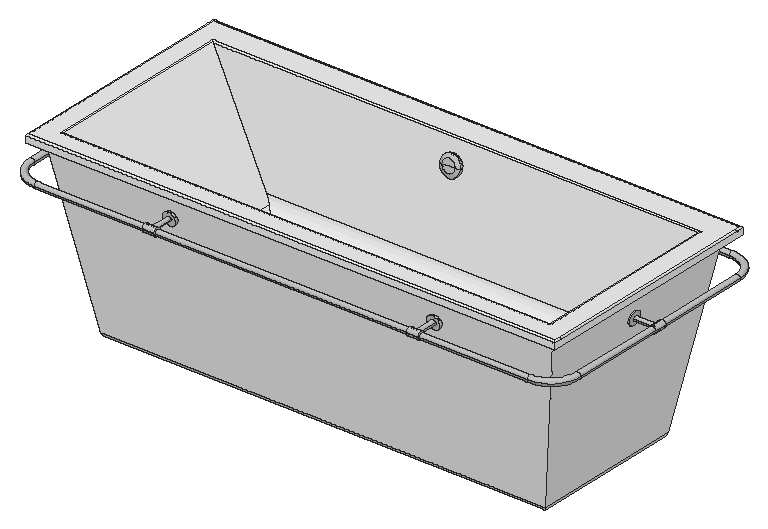
Revit family
Parameters (values of type "Valentino")
  Width = 800 mm  # constant formula
  Waste Connection Radius = Waste Connection Diameter / 2  # 20 mm
  Waste Connection = 1 = 1  # yes
  Vent Connection = 1 = 0  # no
  URL = "http://www.librabath.co.za/"
  Towel Rail Visibility = yes
  TR = or(Towel Rail Visibility, Half Towel Rail Visibility)  # yes
  Rail Finish = Stainless Steel
  Not Surround = not(Surround Visibility)  # no
  Not Rail = not(TR)  # no
  Not R_S = and(Surround Visibility, Not Rail)  # no
  Not Full_R = not(Towel Rail Visibility)  # no
  Not FR_S = and(Surround Visibility, Not Full_R)  # no
  Half Towel Rail Visibility = no
  Surround Visibility = yes
  Product Code = ""
  Omniclass Title = "Bathtubs"
  Omniclass Number = "23.45.05.14.21"
  Model = "Valentino Bath"
  Manufacturer = "Libra Bathrooms"  # constant formula
  Length = 1800 mm  # constant formula
  Height with Surround = 635 mm  # constant formula
  Height = 450 mm  # constant formula
  HW Connection = 1 = 0  # no
  H = if(Surround Visibility, 635 mm, 450 mm)  # 635 mm
  Family created by = "www.rbuiltcomponents.com"
  Waste Connection Diameter = 40 mm
  CW Connection = 1 = 0  # no
  Body Finish = Acrylic-Libra-White
  Assembly Code = "D2010500"
Reference planes
  plane 1 "Bottom": z = 0
  plane 2 "Center (Left/Right)": x = 0
  plane 3 "Center (Front/Back)": y = -75
  plane 4 "Waste": y = 65
  plane 5 "Left": x = -900
  plane 6 "Right": x = 900
  plane 7 "Back": y = 325
  plane 8 "Front": y = -475
  plane 9 "Top": z = 635
  plane 10 "Rail": z = 515
Forms (mm)
  Sweep 1, solid, material "Acrylic-Libra-White" <- "Body Finish", visible <- "Surround Visibility"
    path origin (0, 0, 635) x (-1, 0, 0) y (0, -1, 0)
      loop
        line (900, -325) -> (900, 475) -> (-900, 475) -> (-900, -325) -> (900, -325)
    profile origin (-900, -75, 635) x (1, 0, 0) y (0, 0, 1)
      loop
        line (37.416, -25) -> (142.062, -618.473)
        arc (142.062, -618.473) -> (148.902, -630.321) -> (161.758, -635) r 20
        line (161.758, -635) -> (332.753, -635) -> (332.753, -625) -> (161.758, -625)
        arc (161.758, -625) -> (155.33, -622.66) -> (151.91, -616.736) r 10
        line (151.91, -616.736) -> (47.571, -25) -> (37.416, -25)
  Extrusion 2, solid, material "Acrylic-Libra-White" <- "Body Finish", visible <- "Surround Visibility"
    sketch origin (0, 0, 0) x (1, 0, 0) y (0, 1, 0)
      loop
        line (-567.247, -7.753) -> (-567.247, -142.247) -> (567.247, -142.247) -> (567.247, -7.753) -> (-567.247, -7.753)
    from 0 to 10
  Sweep 3, solid, material "Stainless Steel" <- "Rail Finish", visible <- "TR"
    path origin (0, 0, 515) x (-1, 0, 0) y (0, -1, 0)
      loop
        line (-900, 75) -> (-900, 415)
        arc (-900, 415) -> (-882.426, 457.426) -> (-840, 475) r 60
        line (-840, 475) -> (840, 475)
        arc (840, 475) -> (882.426, 457.426) -> (900, 415) r 60
        line (900, 415) -> (900, 75)
    profile origin (-900, -245, 515) x (-1, 0, 0) y (0, 0, 1)
      loop
        circle (30, 0) r 10
  Sweep 4, solid, material "Stainless Steel" <- "Rail Finish", visible <- "Towel Rail Visibility"
    path origin (0, -150, 515) x (-1, 0, 0) y (0, 1, 0)
      loop
        line (-900, 75) -> (-900, 415)
        arc (-900, 415) -> (-882.426, 457.426) -> (-840, 475) r 60
        line (-840, 475) -> (840, 475)
        arc (840, 475) -> (882.426, 457.426) -> (900, 415) r 60
        line (900, 415) -> (900, 75)
    profile origin (-900, 95, 515) x (1, 0, 0) y (0, 0, 1)
      loop
        circle (-30, 0) r 10
Cuts and joins
  joined: Sweep 1, Extrusion 2
Lines and regions (mm)
  Masking region 1, visible <- "Surround Visibility"
    outline origin (0, -75, 0) x (1, 0, 0) y (0, 0, 1)
      loop
        arc (-895, 635) -> (-898.536, 633.536) -> (-900, 630) r 5
        line (-900, 630) -> (-900, 605) -> (-865, 605) -> (-761.236, 16.527)
        arc (-761.236, 16.527) -> (-754.396, 4.679) -> (-741.54, 0) r 20
        line (-741.54, 0) -> (741.54, 0)
        arc (741.54, 0) -> (754.396, 4.679) -> (761.236, 16.527) r 20
        line (761.236, 16.527) -> (865, 605) -> (900, 605) -> (900, 630)
        arc (900, 630) -> (898.536, 633.536) -> (895, 635) r 5
        line (895, 635) -> (-895, 635)
  Masking region 2, visible <- "Surround Visibility"
    outline origin (0, 0, 0) x (0, 1, 0) y (0, 0, 1)
      loop
        line (320, 635) -> (-470, 635)
        arc (-470, 635) -> (-473.536, 633.536) -> (-475, 630) r 5
        line (-475, 630) -> (-475, 605) -> (-440, 605) -> (-336.236, 16.527)
        arc (-336.236, 16.527) -> (-329.396, 4.679) -> (-316.54, 0) r 20
        line (-316.54, 0) -> (166.54, 0)
        arc (166.54, 0) -> (179.396, 4.679) -> (186.236, 16.527) r 20
        line (186.236, 16.527) -> (290, 605) -> (325, 605) -> (325, 630)
        arc (325, 630) -> (323.536, 633.536) -> (320, 635) r 5
  Masking region 3, visible <- "TR"
    outline origin (0, -75, 0) x (1, 0, 0) y (0, 0, 1)
      loop
        arc (-930, 525) -> (-940, 515) -> (-930, 505) r 10
        line (-930, 505) -> (930, 505)
        arc (930, 505) -> (940, 515) -> (930, 525) r 10
        line (930, 525) -> (-930, 525)
  Masking region 4, visible <- "TR"
    outline origin (0, 0, 0) x (0, 1, 0) y (0, 0, 1)
      loop
        line (-504.813, 505.18) -> (-75, 505.18) -> (-75, 525.18) -> (-504.813, 525.18)
        arc (-504.813, 525.18) -> (-514.813, 515.18) -> (-504.813, 505.18) r 10
  Masking region 5, visible <- "Towel Rail Visibility"
    outline origin (0, 0, 0) x (0, 1, 0) y (0, 0, 1)
      loop
        line (354.813, 525.18) -> (-75, 525.18) -> (-75, 505.18) -> (354.813, 505.18)
        arc (354.813, 505.18) -> (364.813, 515.18) -> (354.813, 525.18) r 10
  symbolic lines, style "Tub", visible <- "Half Towel Rail Visibility"
    curve 1: arc (0, -75, 525.18) -> (0, -64.91, 515.09) -> (0, -75, 505) r 10.09
  symbolic lines, style "Tub", visible <- "Surround Visibility"
    curve 2: line (0, 290, 605) -> (0, -440, 605)
    curve 3: line (0, 290, 605) -> (0, 275.926, 525.18)
    curve 4: line (0, 186.236, 16.527) -> (0, 272.399, 505.18)
    curve 5: line (0, -440, 605) -> (0, -425.926, 525.18)
    curve 6: line (0, -336.236, 16.527) -> (0, -422.399, 505.18)
    curve 9: line (-865, -75, 605) -> (-850.894, -75, 525)
    curve 10: line (-761.236, -75, 16.527) -> (-847.367, -75, 505)
    curve 11: line (865, -75, 605) -> (850.894, -75, 525)
    curve 12: line (761.236, -75, 16.527) -> (847.367, -75, 505)
    curve 13: line (-865, -75, 605) -> (865, -75, 605)
  symbolic lines, style "Tub", visible <- "Not FR_S"
    curve 7: line (0, 272.399, 505.18) -> (0, 275.926, 525.18)
  symbolic lines, style "Tub", visible <- "Not R_S"
    curve 8: line (0, -422.399, 505.18) -> (0, -425.926, 525.18)
    curve 14: line (-847.367, -75, 505) -> (-850.894, -75, 525)
    curve 15: line (847.367, -75, 505) -> (850.894, -75, 525)
Dimensions and locks
  equal spacing: plane 5 "Left", plane 2 "Center (Left/Right)", plane 6 "Right"
  "Length": plane 5 "Left" to plane 6 "Right"
  equal spacing: plane 8 "Front", plane 3 "Center (Front/Back)", plane 7 "Back"
  "Width": plane 8 "Front" to plane 7 "Back"
  locked: plane 3 "Center (Front/Back)" to plane 4 "Waste" at 140
  "H": plane 9 "Top" to plane 1 "Bottom"
  locked: plane 9 "Top" to plane 10 "Rail" at 120
  aligned and locked: plane 2 "Center (Left/Right)" to nested 1
  aligned and locked: plane 3 "Center (Front/Back)" to nested 1
  aligned and locked: plane 9 "Top" to nested 1
  aligned and locked: Sweep 1 sketch curve to plane 5 "Left"
  aligned and locked: Sweep 1 sketch curve to plane 7 "Back"
  aligned and locked: Sweep 1 sketch curve to plane 6 "Right"
  aligned and locked: Sweep 1 sketch curve to plane 8 "Front"
  aligned and locked: Sweep 1 sketch curve to plane 1 "Bottom"
  aligned and locked: Extrusion 2 sketch curve to Sweep 1  (x3)
  aligned and locked: Sweep 1 to Extrusion 2 sketch curve
  aligned and locked: plane 3 "Center (Front/Back)" to Sweep 3 sketch curve  (x2)
  aligned and locked: Sweep 3 sketch curve to plane 8 "Front"
  aligned and locked: plane 5 "Left" to Sweep 3 sketch curve
  aligned and locked: Sweep 3 sketch curve to plane 6 "Right"
  aligned and locked: nested 3 to plane 10 "Rail"
  aligned and locked: plane 10 "Rail" to nested 7
  aligned and locked: nested 6 to plane 10 "Rail"
  aligned and locked: plane 10 "Rail" to nested 2
  aligned and locked: nested 5 to plane 10 "Rail"
  aligned and locked: plane 10 "Rail" to nested 4
  aligned and locked: plane 9 "Top" to Masking region 2 sketch curve
  aligned and locked: plane 7 "Back" to Masking region 2 sketch curve
  aligned and locked: plane 8 "Front" to Masking region 2 sketch curve
  aligned and locked: Masking region 2 to curve 2
  aligned and locked: curve 2 to Masking region 2
  aligned and locked: Masking region 1 sketch curve to plane 9 "Top"
  aligned and locked: Masking region 1 sketch curve to plane 5 "Left"
  aligned and locked: Masking region 1 sketch curve to plane 6 "Right"
  aligned and locked: Masking region 1 sketch curve to plane 1 "Bottom"
  aligned and locked: Masking region 1 to curve 13
  aligned and locked: curve 14 to Masking region 1
  aligned and locked: Masking region 1 to curve 15
Automatic sketch dimensions
  Sweep 1 sketch curve to Sweep 1 sketch curve = 0 mm  (x2)
  Sweep 1 sketch curve to profile plane = 37.416 mm
  Sweep 1 sketch curve to Sweep 1 sketch curve = 10.154 mm
  Sweep 1 sketch curve to profile plane = 142.062 mm
  Sweep 1 sketch curve to Sweep 1 sketch curve = 9.848 mm  (x2)
  Sweep 1 sketch curve to Sweep 1 sketch curve = 170.996 mm
  Sweep 1 sketch curve to Sweep 1 sketch curve = 10 mm
  Sweep 1 sketch curve to Sweep 1 sketch curve = 6.527 mm
  Sweep 1 sketch curve to plane 9 "Top" = 25 mm
  Sweep 3 sketch curve to Sweep 3 sketch curve = 60 mm
  plane 5 "Left" to Sweep 3 sketch curve = 60 mm
  Sweep 3 sketch curve to profile plane = 0 mm
  Sweep 3 sketch curve to profile plane = 30 mm
  Sweep 4 sketch curve to plane 3 "Center (Front/Back)" = 0 mm  (x2)
  Sweep 4 sketch curve to plane 6 "Right" = 0 mm
  Sweep 4 sketch curve to plane 7 "Back" = 0 mm
  Sweep 4 sketch curve to plane 5 "Left" = 0 mm
  Sweep 4 sketch curve to Sweep 4 sketch curve = 60 mm
  Sweep 4 sketch curve to plane 5 "Left" = 60 mm
  Sweep 4 sketch curve to plane 10 "Rail" = 0 mm
  profile plane to Sweep 4 sketch curve = 30 mm
  Masking region 3 sketch curve to plane 10 "Rail" = 0 mm
  Masking region 3 sketch curve to plane 5 "Left" = 30 mm
  Masking region 3 sketch curve to plane 10 "Rail" = 10 mm
  plane 6 "Right" to Masking region 3 sketch curve = 30 mm
  Masking region 4 sketch curve to plane 3 "Center (Front/Back)" = 0 mm
  Masking region 4 sketch curve to plane 10 "Rail" = 9.82 mm
  plane 8 "Front" to Masking region 4 sketch curve = 29.813 mm
  plane 10 "Rail" to Masking region 4 sketch curve = 0.18 mm
  Masking region 5 sketch curve to plane 7 "Back" = 29.813 mm
  plane 10 "Rail" to Masking region 5 sketch curve = 0.18 mm
  Masking region 5 sketch curve to plane 10 "Rail" = 9.82 mm
  Masking region 5 sketch curve to plane 3 "Center (Front/Back)" = 0 mm
  Masking region 2 sketch curve to level = 0 mm
  Masking region 2 sketch curve to plane 8 "Front" = 5 mm
  Masking region 2 sketch curve to plane 8 "Front" = 35 mm
  level to Masking region 2 sketch curve = 16.527 mm  (x2)
  Masking region 2 sketch curve to plane 8 "Front" = 138.764 mm
  Masking region 2 sketch curve to Masking region 2 sketch curve = 19.696 mm  (x2)
  Masking region 2 sketch curve to plane 4 "Waste" = 101.54 mm
  plane 7 "Back" to Masking region 2 sketch curve = 35 mm
  plane 7 "Back" to Masking region 2 sketch curve = 5 mm
  Masking region 2 sketch curve to plane 9 "Top" = 30 mm
  Masking region 2 sketch curve to Masking region 2 sketch curve = 25 mm
  curve 1 to plane 3 "Center (Front/Back)" = 0 mm
  level to curve 6 = 16.527 mm
  curve 6 to plane 8 "Front" = 138.764 mm
  curve 8 to plane 10 "Rail" = 9.82 mm
  curve 8 to plane 8 "Front" = 52.601 mm
  plane 10 "Rail" to curve 5 = 10.18 mm
  curve 5 to curve 6 = 3.527 mm
  curve 5 to plane 8 "Front" = 35 mm
  level to curve 4 = 16.527 mm
  curve 4 to plane 4 "Waste" = 121.236 mm
  curve 4 to plane 10 "Rail" = 9.82 mm
  plane 7 "Back" to curve 4 = 52.601 mm
  plane 10 "Rail" to curve 7 = 10.18 mm
  curve 4 to curve 7 = 3.527 mm
  curve 1 to plane 10 "Rail" = 10 mm
  plane 10 "Rail" to curve 1 = 0.09 mm
  plane 5 "Left" to Masking region 1 sketch curve = 5 mm
  plane 5 "Left" to Masking region 1 sketch curve = 35 mm
  level to Masking region 1 sketch curve = 16.527 mm  (x2)
  plane 5 "Left" to Masking region 1 sketch curve = 138.764 mm
  Masking region 1 sketch curve to Masking region 1 sketch curve = 19.696 mm
  level to Masking region 1 sketch curve = 20 mm
  Masking region 1 sketch curve to plane 6 "Right" = 158.46 mm
  Masking region 1 sketch curve to plane 6 "Right" = 35 mm
  Masking region 1 sketch curve to plane 6 "Right" = 5 mm
  Masking region 1 sketch curve to plane 9 "Top" = 30 mm  (x2)
  plane 5 "Left" to curve 13 = 35 mm
  plane 10 "Rail" to curve 9 = 10 mm
  curve 10 to plane 10 "Rail" = 10 mm
  level to curve 10 = 16.527 mm
  plane 5 "Left" to curve 10 = 138.764 mm
  level to curve 12 = 16.527 mm
  curve 12 to plane 6 "Right" = 138.764 mm
  curve 15 to curve 11 = 3.527 mm
  plane 10 "Rail" to curve 15 = 10 mm
  curve 11 to plane 6 "Right" = 35 mm
  radius of Sweep 3 sketch curve = 10 mm
  radius of Sweep 4 sketch curve = 10 mm
Nested families
  nested 1: "Libra-Valentino" at (0, 0, 185), type "Valentino"
    with Mask Visibility no
  nested 2: "Rail Bracket" at (-450, -504.956, 215) x (0, 1, 0) z (0, 0, 1), visible <- "TR", type "Rail Bracket"
    with Length 84 mm, Fixing Angle 10.00°
  nested 3: "Rail Bracket" at (450, -504.956, 215) x (0, 1, 0) z (0, 0, 1), visible <- "TR", type "Rail Bracket"
    with Length 84 mm, Fixing Angle 10.00°
  nested 4: "Rail Bracket" at (929.956, -75, 215) x (-1, 0, 0) z (0, 0, 1), visible <- "TR", type "Rail Bracket"
    with Length 84 mm, Fixing Angle 10.00°
  nested 5: "Rail Bracket" at (-929.956, -75, 215), visible <- "TR", type "Rail Bracket"
    with Length 84 mm, Fixing Angle 10.00°
  nested 6: "Rail Bracket" at (-450, 354.956, 215) x (0, -1, 0) z (0, 0, 1), visible <- "Towel Rail Visibility", type "Rail Bracket"
    with Length 84 mm, Fixing Angle 10.00°
  nested 7: "Rail Bracket" at (450, 354.956, 215) x (0, -1, 0) z (0, 0, 1), visible <- "Towel Rail Visibility", type "Rail Bracket"
    with Length 84 mm, Fixing Angle 10.00°
Connectors
  piping at (0, 65, 202.5), driven by "Waste Connection Radius"
    settings: on nested 1, index 1
Definition of nested family "Libra-Valentino"
  Parameters (values of type "Valentino")
    Width = 800 mm  # constant formula
    Waste Connection Radius = Waste Connection Diameter / 2  # 20 mm
    Waste Connection = 1 = 1  # yes
    Vent Connection = 1 = 0  # no
    URL = "http://www.librabath.co.za/"
    Product Code = ""
    Omniclass Title = "Bathtubs"
    Omniclass Number = "23.45.05.14.21"
    Model = "Valentino Bath"
    Mask Visibility = yes
    Manufacturer = "Libra Bathrooms"  # constant formula
    Length = 1800 mm  # constant formula
    Height = 450 mm  # constant formula
    HW Connection = 1 = 0  # no
    Family created by = "www.rbuiltcomponents.com"
    Waste Connection Diameter = 40 mm
    CW Connection = 1 = 0  # no
    Body Finish = Acrylic-Libra-White
    Assembly Code = "D2010500"
  Reference planes
    plane 1 "Bottom": z = 0
    plane 2 "Center (Left/Right)": x = 0
    plane 3 "Center (Front/Back)": y = -75
    plane 4 "Waste": y = 65
    plane 5 "Left": x = -900
    plane 6 "Right": x = 900
    plane 7 "Back": y = 325
    plane 8 "Front": y = -475
    plane 9 "Top": z = 450
  Forms (mm)
    Extrusion 1, solid, material "Acrylic-Libra-White" <- "Body Finish"
      sketch origin (0, 0, 0) x (1, 0, 0) y (0, 1, 0)
        loop
          arc (-385, 65) -> (-427.426, 47.426) -> (-445, 5) r 60
          line (-445, 5) -> (-445, -155)
          arc (-445, -155) -> (-427.426, -197.426) -> (-385, -215) r 60
          line (-385, -215) -> (385, -215)
          arc (385, -215) -> (427.426, -197.426) -> (445, -155) r 60
          line (445, -155) -> (445, 5)
          arc (445, 5) -> (427.426, 47.426) -> (385, 65) r 60
          line (385, 65) -> (-385, 65)
      from 0 to 35
    Revolve 2, solid, material "Chrome"
      sketch origin (0, 30, -133.361) x (0, 1, 0) y (0, 0, 1)
        loop
          line (35, 178.305) -> (55.257, 178.305) -> (64.013, 181.149)
          arc (64.013, 181.149) -> (64.347, 181.804) -> (63.692, 182.138) r 0.52
          line (63.692, 182.138) -> (53.942, 178.97)
          arc (53.942, 178.97) -> (54.13, 179.787) -> (53.438, 180.26) r 0.744
          line (53.438, 180.26) -> (35, 180.26) -> (35, 178.305)
        axis (35, 178.305) -> (35, 182.138)
      angle from 0 to 360
    Revolve 3, solid, material "Chrome"
      sketch origin (-26.889, -495.159, 520.537) x (-0.140438, -0.968454, 0.205851) y (0.990089, -0.137369, 0.029199)
        loop
          line (-706.831, -73.076) -> (-720.694, -75.025) -> (-715.823, -109.684) -> (-708.351, -108.634) -> (-703.724, -95.184) -> (-706.831, -73.076)
        axis (-720.694, -75.025) -> (-706.831, -73.076)
      angle from 0 to 360
    Sweep 4, solid, material "Acrylic-Libra-White" <- "Body Finish"
      path origin (0, 0, 450) x (-1, 0, 0) y (0, -1, 0)
        loop
          line (0, -300) -> (0, 450)
      profile origin (0, -75, 450) x (1, 0, 0) y (0, 0, 1)
        loop
          arc (900, -5) -> (898.536, -1.464) -> (895, 0) r 5
          line (895, 0) -> (832.9, 0)
          arc (832.9, 0) -> (830.592, -0.565) -> (828.805, -2.132) r 5
          line (828.805, -2.132) -> (569.365, -372.65)
          arc (569.365, -372.65) -> (544.347, -394.591) -> (512.024, -402.5) r 70
          line (512.024, -402.5) -> (467.551, -402.5) -> (467.551, -412.5) -> (512.024, -412.5)
          arc (512.024, -412.5) -> (548.964, -403.461) -> (577.556, -378.386) r 80
          line (577.556, -378.386) -> (825, -25) -> (900, -25) -> (900, -5)
        loop
          line (-900, -5) -> (-900, -25) -> (-825, -25) -> (-577.556, -378.386)
          arc (-577.556, -378.386) -> (-548.964, -403.461) -> (-512.024, -412.5) r 80
          line (-512.024, -412.5) -> (-467.551, -412.5) -> (-467.551, -402.5) -> (-512.024, -402.5)
          arc (-512.024, -402.5) -> (-544.347, -394.591) -> (-569.365, -372.65) r 70
          line (-569.365, -372.65) -> (-828.805, -2.132)
          arc (-828.805, -2.132) -> (-830.592, -0.565) -> (-832.9, 0) r 5
          line (-832.9, 0) -> (-895, 0)
          arc (-895, 0) -> (-898.536, -1.464) -> (-900, -5) r 5
    Sweep 5, solid, material "Acrylic-Libra-White" <- "Body Finish"
      path origin (0, 0, 450) x (-1, 0, 0) y (0, -1, 0)
        loop
          line (-925, 75) -> (925, 75)
      profile origin (0, -75, 450) x (0, -1, 0) y (0, 0, 1)
        loop
          line (-400, -5) -> (-400, -25) -> (-310.207, -25) -> (-241.31, -349.133)
          arc (-241.31, -349.133) -> (-213.404, -394.672) -> (-163.059, -412.5) r 80
          line (-163.059, -412.5) -> (188.059, -412.5)
          arc (188.059, -412.5) -> (238.404, -394.672) -> (266.31, -349.133) r 80
          line (266.31, -349.133) -> (335.207, -25) -> (400, -25) -> (400, -5)
          arc (400, -5) -> (398.536, -1.464) -> (395, 0) r 5
          line (395, 0) -> (334.346, 0)
          arc (334.346, 0) -> (331.2, -1.114) -> (329.456, -3.96) r 5
          line (329.456, -3.96) -> (256.529, -347.054)
          arc (256.529, -347.054) -> (232.111, -386.9) -> (188.059, -402.5) r 70
          line (188.059, -402.5) -> (-163.059, -402.5)
          arc (-163.059, -402.5) -> (-207.111, -386.9) -> (-231.529, -347.054) r 70
          line (-231.529, -347.054) -> (-304.456, -3.96)
          arc (-304.456, -3.96) -> (-306.2, -1.114) -> (-309.346, 0) r 5
          line (-309.346, 0) -> (-395, 0)
          arc (-395, 0) -> (-398.536, -1.464) -> (-400, -5) r 5
    Sweep 6, void
      path origin (0, 0, 0) x (1, 0, 0) y (0, 1, 0)
        loop
          line (-445, 5) -> (-445, -155)
          arc (-445, -155) -> (-427.426, -197.426) -> (-385, -215) r 60
          line (-385, -215) -> (-100, -215)
          arc (-100, -215) -> (-57.574, -197.426) -> (-40, -155) r 60
          line (-40, -155) -> (-40, 5)
          arc (-40, 5) -> (-57.574, 47.426) -> (-100, 65) r 60
          line (-100, 65) -> (-385, 65)
          arc (-385, 65) -> (-427.426, 47.426) -> (-445, 5) r 60
      profile origin (-445, -75, 0) x (1, 0, 0) y (0, 0, 1)
        loop
          line (0, 35) -> (-60, 35) -> (-60, 0) -> (20.207, 0) -> (0, 35)
    Revolve 7, solid, material "Acrylic-Libra-White" <- "Body Finish"
      sketch origin (0, 0, 0) x (0, 1, 0) y (0, 0, 1)
        loop
          line (65, 42.5) -> (65, 17.5) -> (90, 17.5)
          arc (90, 17.5) -> (93.536, 18.964) -> (95, 22.5) r 5
          line (95, 22.5) -> (95, 42.5) -> (65, 42.5)
        axis (65, 42.5) -> (65, 17.5)
      angle from 0 to 360
    Sweep 8, void
      path origin (0, 0, 450) x (-1, 0, 0) y (0, -1, 0)
        loop
          line (-925, 75) -> (925, 75)
      profile origin (0, -75, 450) x (0, -1, 0) y (0, 0, 1)
        loop
          line (-400, -25) -> (-400, -450) -> (400, -450) -> (400, -25) -> (335.207, -25) -> (266.31, -349.133)
          arc (266.31, -349.133) -> (238.404, -394.672) -> (188.059, -412.5) r 80
          line (188.059, -412.5) -> (-163.059, -412.5)
          arc (-163.059, -412.5) -> (-213.404, -394.672) -> (-241.31, -349.133) r 80
          line (-241.31, -349.133) -> (-310.207, -25) -> (-400, -25)
    Sweep 9, void
      path origin (0, 0, 450) x (-1, 0, 0) y (0, -1, 0)
        loop
          line (0, -375) -> (0, 525)
      profile origin (0, -75, 450) x (1, 0, 0) y (0, 0, 1)
        loop
          line (900, -5) -> (900, -25) -> (825, -25) -> (577.556, -378.386)
          arc (577.556, -378.386) -> (548.964, -403.461) -> (512.024, -412.5) r 80
          line (512.024, -412.5) -> (467.551, -412.5) -> (467.551, -450) -> (935, -450) -> (935, 25) -> (895, 25) -> (895, 0)
          arc (895, 0) -> (898.536, -1.464) -> (900, -5) r 5
        loop
          arc (-900, -5) -> (-898.536, -1.464) -> (-895, 0) r 5
          line (-895, 0) -> (-895, 25) -> (-935, 25) -> (-935, -450) -> (-467.551, -450) -> (-467.551, -412.5) -> (-512.024, -412.5)
          arc (-512.024, -412.5) -> (-548.964, -403.461) -> (-577.556, -378.386) r 80
          line (-577.556, -378.386) -> (-825, -25) -> (-900, -25) -> (-900, -5)
    Sweep 10, void
      path origin (0, 0, 0) x (-1, 0, 0) y (0, 1, 0)
        loop
          line (-445, 5) -> (-445, -155)
          arc (-445, -155) -> (-427.426, -197.426) -> (-385, -215) r 60
          line (-385, -215) -> (-100, -215)
          arc (-100, -215) -> (-57.574, -197.426) -> (-40, -155) r 60
          line (-40, -155) -> (-40, 5)
          arc (-40, 5) -> (-57.574, 47.426) -> (-100, 65) r 60
          line (-100, 65) -> (-385, 65)
          arc (-385, 65) -> (-427.426, 47.426) -> (-445, 5) r 60
      profile origin (445, -75, 0) x (1, 0, 0) y (0, 0, 1)
        loop
          line (0, 35) -> (-20.207, 0) -> (60, 0) -> (60, 35) -> (0, 35)
    Revolve 11, void
      sketch origin (0, 0, -90.682) x (0, 1, 0) y (0, 0, 1)
        loop
          line (45, 133.206) -> (45, 90.682) -> (65, 90.682) -> (65, 140) -> (33.232, 140) -> (45, 133.206)
        axis (65, 140) -> (65, 90.682)
      angle from 0 to 360
  Cuts and joins
    Sweep 6, Sweep 10, Revolve 11 cuts Extrusion 1
    Sweep 8, Revolve 11 cuts Sweep 4
    Sweep 9, Revolve 11 cuts Sweep 5
    Revolve 11 cuts Revolve 7
    joined: Sweep 4, Sweep 5, Revolve 7
  Lines and regions (mm)
    Masking region 1
      outline origin (0, 0, 0) x (1, 0, 0) y (0, 1, 0)
        loop
          arc (-880, 325) -> (-894.142, 319.142) -> (-900, 305) r 20
          line (-900, 305) -> (-900, -455)
          arc (-900, -455) -> (-894.142, -469.142) -> (-880, -475) r 20
          line (-880, -475) -> (880, -475)
          arc (880, -475) -> (894.142, -469.142) -> (900, -455) r 20
          line (900, -455) -> (900, 305)
          arc (900, 305) -> (894.142, 319.142) -> (880, 325) r 20
          line (880, 325) -> (-880, 325)
    Masking region 2, visible <- "Mask Visibility"
      outline origin (0, -75, 0) x (1, 0, 0) y (0, 0, 1)
        loop
          arc (-895, 450) -> (-898.536, 448.536) -> (-900, 445) r 5
          line (-900, 445) -> (-900, 420) -> (-815, 420) -> (-569.31, 69.118)
          arc (-569.31, 69.118) -> (-541.085, 44.236) -> (-504.606, 35.009) r 80
          line (-504.606, 35.009) -> (-444.646, 34.388) -> (-424.793, 0) -> (-109.793, 0) -> (-91.751, 31.25) -> (-47.835, 31.25) -> (-29.793, 0) -> (29.793, 0) -> (47.835, 31.25) -> (91.751, 31.25) -> (109.793, 0) -> (424.793, 0) -> (444.646, 34.388) -> (504.606, 35.009)
          arc (504.606, 35.009) -> (541.085, 44.236) -> (569.31, 69.118) r 80
          line (569.31, 69.118) -> (815, 420) -> (900, 420) -> (900, 445)
          arc (900, 445) -> (898.536, 448.536) -> (895, 450) r 5
          line (895, 450) -> (-895, 450)
    Masking region 3, visible <- "Mask Visibility"
      outline origin (0, 0, 0) x (0, 1, 0) y (0, 0, 1)
        loop
          arc (-470, 450) -> (-473.536, 448.536) -> (-475, 445) r 5
          line (-475, 445) -> (-475, 420) -> (-410, 420) -> (-341.635, 98.367)
          arc (-341.635, 98.367) -> (-313.729, 52.828) -> (-263.383, 35) r 80
          line (-263.383, 35) -> (-243.176, 0) -> (68.176, 0) -> (88.383, 35)
          arc (88.383, 35) -> (138.729, 52.828) -> (166.635, 98.367) r 80
          line (166.635, 98.367) -> (235, 420) -> (325, 420) -> (325, 445)
          arc (325, 445) -> (323.536, 448.536) -> (320, 450) r 5
          line (320, 450) -> (-470, 450)
    symbolic lines, detail levels fine
      curve 1: circle (0, 65, 150) r 20 normal (0, 0, -1)
      curve 2: circle (0, 65, 150) r 35 normal (0, 0, -1)
    symbolic lines, style "Tub", detail levels fine
      curve 3: line (550, 115, 0) -> (-550, 115, 0)
      curve 4: line (550, -315, 0) -> (-550, -315, 0)
      curve 15: line (-570, 95, 0) -> (-570, -295, 0)
      curve 16: line (570, -295, 0) -> (570, 95, 0)
      curve 17: arc (-550, 115, 0) -> (-564.142, 109.142, 0) -> (-570, 95, 0) r 20
      curve 18: arc (-550, -315, 0) -> (-564.142, -309.142, 0) -> (-570, -295, 0) r 20
      curve 19: arc (550, -315, 0) -> (564.142, -309.142, 0) -> (570, -295, 0) r 20
      curve 20: arc (570, 95, 0) -> (564.142, 109.142, 0) -> (550, 115, 0) r 20
      curve 21: line (-814.142, 214.142, 0) -> (-564.142, 109.142, 0)
      curve 22: line (-814.142, -389.142, 0) -> (-564.142, -309.142, 0)
      curve 23: line (814.142, -389.142, 0) -> (564.142, -309.142, 0)
      curve 24: line (814.142, 214.142, 0) -> (564.142, 109.142, 0)
    symbolic lines, style "Tub"
      curve 5: line (800, 220, 0) -> (-800, 220, 0)
      curve 6: line (800, -395, 0) -> (-800, -395, 0)
      curve 9: line (-820, 200, 0) -> (-820, -375, 0)
      curve 10: line (820, -375, 0) -> (820, 200, 0)
      curve 11: arc (-800, 220, 0) -> (-814.142, 214.142, 0) -> (-820, 200, 0) r 20
      curve 12: arc (-800, -395, 0) -> (-814.142, -389.142, 0) -> (-820, -375, 0) r 20
      curve 13: arc (800, -395, 0) -> (814.142, -389.142, 0) -> (820, -375, 0) r 20
      curve 14: arc (800, 220, 0) -> (814.142, 214.142, 0) -> (820, 200, 0) r 20
    symbolic lines, style "Tub", visible <- "Mask Visibility"
      curve 7: line (-444.646, -75, 34.388) -> (-91.817, -75, 31.251)
      curve 8: line (0, -263.383, 35) -> (0, 88.383, 35)
      curve 25: line (-47.835, -75, 31.25) -> (47.835, -75, 31.25)
      curve 26: line (-815, -75, 420) -> (815, -75, 420)
      curve 27: line (0, -410, 420) -> (0, 260, 420)
      curve 28: line (444.646, -75, 34.388) -> (91.817, -75, 31.251)
  Dimensions and locks
    equal spacing: plane 5 "Left", plane 2 "Center (Left/Right)", plane 6 "Right"
    "Length": plane 5 "Left" to plane 6 "Right"
    equal spacing: plane 8 "Front", plane 3 "Center (Front/Back)", plane 7 "Back"
    "Width": plane 8 "Front" to plane 7 "Back"
    locked: plane 3 "Center (Front/Back)" to plane 4 "Waste" at 140
    locked: plane 9 "Top" to plane 1 "Bottom" at 450
    aligned and locked: cut or joined group of Extrusion 1, Sweep 6, Sweep 10, Revolve 11 to plane 1 "Bottom"
    aligned and locked: plane 7 "Back" to Masking region 1 sketch curve
    aligned and locked: plane 8 "Front" to Masking region 1 sketch curve
    aligned and locked: Sweep 4 sketch curve to plane 2 "Center (Left/Right)"
    aligned and locked: Sweep 5 sketch curve to plane 3 "Center (Front/Back)"
    aligned and locked: Masking region 1 sketch curve to plane 5 "Left"
    aligned and locked: Masking region 1 sketch curve to plane 6 "Right"
    aligned and locked: Sweep 6 sketch curve to cut or joined group of Extrusion 1, Sweep 6, Sweep 10, Revolve 11  (x2)
    aligned and locked: cut or joined group of Extrusion 1, Sweep 6, Sweep 10, Revolve 11 to Sweep 6 sketch curve
    aligned and locked: plane 4 "Waste" to Revolve 7 sketch curve
    aligned and locked: Masking region 2 sketch curve to plane 9 "Top"
    aligned and locked: Masking region 2 sketch curve to plane 5 "Left"
    aligned and locked: curve 26 to Masking region 2
    aligned and locked: Masking region 2 to curve 26
    aligned and locked: Masking region 3 sketch curve to plane 9 "Top"
    aligned and locked: Masking region 3 sketch curve to plane 8 "Front"
    aligned and locked: Masking region 3 sketch curve to plane 7 "Back"
    aligned and locked: Masking region 3 to curve 8
    aligned and locked: curve 27 to Masking region 3
    aligned and locked: Masking region 3 to curve 27
    aligned and locked: Masking region 2 to curve 7
  Automatic sketch dimensions
    curve 1 to curve 2 = 0 mm  (x2)
    curve 2 to plane 2 "Center (Left/Right)" = 0 mm
    curve 2 to plane 4 "Waste" = 0 mm
    plane 5 "Left" to Masking region 1 sketch curve = 20 mm  (x2)
    Masking region 1 sketch curve to plane 6 "Right" = 20 mm  (x2)
    Extrusion 1 sketch curve to plane 4 "Waste" = 0 mm
    plane 3 "Center (Front/Back)" to Extrusion 1 sketch curve = 80 mm
    Extrusion 1 sketch curve to plane 2 "Center (Left/Right)" = 445 mm
    Extrusion 1 sketch curve to Extrusion 1 sketch curve = 60 mm  (x2)
    plane 2 "Center (Left/Right)" to Extrusion 1 sketch curve = 385 mm
    plane 4 "Waste" to Extrusion 1 sketch curve = 60 mm
    Extrusion 1 sketch curve to Extrusion 1 sketch curve = 0 mm
    Revolve 2 sketch curve to plane 4 "Waste" = 0 mm  (x2)
    Revolve 2 sketch curve to plane 4 "Waste" = 18.437 mm
    Revolve 2 sketch curve to Revolve 2 sketch curve = 0.504 mm
    Revolve 2 sketch curve to Revolve 2 sketch curve = 1.315 mm
    Revolve 2 sketch curve to Revolve 2 sketch curve = 8.435 mm
    Revolve 2 sketch curve to Revolve 2 sketch curve = 0.161 mm  (x2)
    level to Revolve 2 sketch curve = 22.388 mm
    Revolve 2 sketch curve to Revolve 2 sketch curve = 22.555 mm
    Revolve 2 sketch curve to Revolve 2 sketch curve = 0.666 mm
    Revolve 2 sketch curve to Revolve 2 sketch curve = 0.547 mm
    Revolve 2 sketch curve to Revolve 2 sketch curve = 2.845 mm
    Revolve 2 sketch curve to Revolve 2 sketch curve = 0.494 mm
    Revolve 2 sketch curve to Revolve 2 sketch curve = 14.051 mm
    plane 2 "Center (Left/Right)" to Revolve 3 sketch curve = 0.083 mm
    Revolve 3 sketch curve to Revolve 3 sketch curve = 31.022 mm
    Revolve 3 sketch curve to Revolve 3 sketch curve = 4.871 mm
    Revolve 3 sketch curve to Revolve 3 sketch curve = 7.473 mm
    Revolve 3 sketch curve to Revolve 3 sketch curve = 13.54 mm
    Revolve 3 sketch curve to Revolve 3 sketch curve = 0.324 mm
    Revolve 3 sketch curve to Revolve 3 sketch curve = 4.627 mm
    Revolve 3 sketch curve to Revolve 3 sketch curve = 15.8 mm
    Revolve 3 sketch curve to Revolve 3 sketch curve = 13.449 mm
    Revolve 3 sketch curve to Revolve 3 sketch curve = 0.046 mm
    plane 7 "Back" to Sweep 4 sketch curve = 25 mm
    Sweep 4 sketch curve to plane 8 "Front" = 25 mm
    Sweep 4 sketch curve to Sweep 4 sketch curve = 0 mm  (x4)
    Sweep 4 sketch curve to plane 9 "Top" = 0 mm  (x2)
    Sweep 4 sketch curve to plane 9 "Top" = 5 mm  (x2)
    profile plane to Sweep 4 sketch curve = 900 mm
    Sweep 4 sketch curve to Sweep 4 sketch curve = 62.1 mm  (x2)
    Sweep 4 sketch curve to plane 9 "Top" = 2.132 mm  (x2)
    Sweep 4 sketch curve to Sweep 4 sketch curve = 4.096 mm  (x2)
    Sweep 4 sketch curve to Sweep 4 sketch curve = 7.9 mm
    Sweep 4 sketch curve to Sweep 4 sketch curve = 247.444 mm  (x2)
    Sweep 4 sketch curve to Sweep 4 sketch curve = 8.192 mm  (x2)
    Sweep 4 sketch curve to Sweep 4 sketch curve = 57.341 mm  (x2)
    Sweep 4 sketch curve to Sweep 4 sketch curve = 44.473 mm  (x2)
    Sweep 4 sketch curve to profile plane = 467.551 mm
    Sweep 4 sketch curve to plane 9 "Top" = 372.65 mm  (x2)
    Sweep 4 sketch curve to plane 9 "Top" = 25 mm
    Sweep 4 sketch curve to Sweep 4 sketch curve = 3.805 mm
    Sweep 4 sketch curve to Sweep 4 sketch curve = 5.736 mm  (x2)
    Sweep 4 sketch curve to Sweep 4 sketch curve = 29.85 mm  (x2)
    Sweep 4 sketch curve to Sweep 4 sketch curve = 20 mm
    plane 6 "Right" to Sweep 5 sketch curve = 25 mm
    Sweep 5 sketch curve to plane 5 "Left" = 25 mm
    Sweep 5 sketch curve to Sweep 5 sketch curve = 0 mm  (x4)
    Sweep 5 sketch curve to plane 9 "Top" = 0 mm  (x2)
    Sweep 5 sketch curve to plane 9 "Top" = 25 mm
    profile plane to Sweep 5 sketch curve = 400 mm
    Sweep 5 sketch curve to Sweep 5 sketch curve = 5 mm
    Sweep 5 sketch curve to Sweep 5 sketch curve = 84.793 mm
    Sweep 5 sketch curve to Sweep 5 sketch curve = 0.861 mm  (x2)
    Sweep 5 sketch curve to plane 9 "Top" = 3.96 mm  (x2)
    Sweep 5 sketch curve to Sweep 5 sketch curve = 4.891 mm  (x2)
    profile plane to Sweep 5 sketch curve = 241.31 mm
    Sweep 5 sketch curve to Sweep 5 sketch curve = 9.781 mm  (x2)
    Sweep 5 sketch curve to Sweep 5 sketch curve = 68.47 mm  (x2)
    Sweep 5 sketch curve to profile plane = 188.059 mm
    Sweep 5 sketch curve to profile plane = 329.456 mm
    Sweep 5 sketch curve to plane 9 "Top" = 5 mm
    Sweep 5 sketch curve to Sweep 5 sketch curve = 60.654 mm
    Sweep 5 sketch curve to Sweep 5 sketch curve = 20 mm
    Sweep 5 sketch curve to plane 9 "Top" = 332.5 mm  (x2)
    Sweep 5 sketch curve to Sweep 5 sketch curve = 14.554 mm
    Sweep 5 sketch curve to Sweep 5 sketch curve = 2.079 mm
    Revolve 7 sketch curve to plane 4 "Waste" = 0 mm
    Revolve 7 sketch curve to level = 0 mm
    Revolve 7 sketch curve to plane 4 "Waste" = 25 mm
    Revolve 7 sketch curve to Revolve 7 sketch curve = 5 mm
    level to Revolve 7 sketch curve = 17.5 mm
    Revolve 7 sketch curve to Revolve 7 sketch curve = 25 mm
    Revolve 7 sketch curve to Revolve 7 sketch curve = 15 mm
    Sweep 8 sketch curve to plane 3 "Center (Front/Back)" = 0 mm
    plane 6 "Right" to Sweep 8 sketch curve = 25 mm
    Sweep 8 sketch curve to plane 5 "Left" = 25 mm
    Sweep 8 sketch curve to plane 9 "Top" = 25 mm  (x2)
    profile plane to Sweep 8 sketch curve = 400 mm
    Sweep 8 sketch curve to Sweep 8 sketch curve = 89.793 mm
    Sweep 8 sketch curve to Sweep 8 sketch curve = 158.69 mm
    Sweep 8 sketch curve to Sweep 8 sketch curve = 78.252 mm  (x2)
    Sweep 8 sketch curve to profile plane = 188.059 mm
    Sweep 8 sketch curve to Sweep 8 sketch curve = 68.897 mm
    Sweep 8 sketch curve to Sweep 8 sketch curve = 133.69 mm
    Sweep 8 sketch curve to plane 9 "Top" = 332.5 mm  (x2)
    Sweep 8 sketch curve to Sweep 8 sketch curve = 16.633 mm
    Sweep 8 sketch curve to Sweep 8 sketch curve = 100.867 mm
    Sweep 9 sketch curve to plane 2 "Center (Left/Right)" = 0 mm
    Sweep 9 sketch curve to plane 7 "Back" = 50 mm
    plane 8 "Front" to Sweep 9 sketch curve = 50 mm
    Sweep 9 sketch curve to plane 9 "Top" = 0 mm  (x2)
    Sweep 9 sketch curve to plane 9 "Top" = 450 mm
    profile plane to Sweep 9 sketch curve = 935 mm
    Sweep 9 sketch curve to plane 9 "Top" = 5 mm
    Sweep 9 sketch curve to Sweep 9 sketch curve = 35 mm
    Sweep 9 sketch curve to plane 9 "Top" = 25 mm  (x2)
    Sweep 9 sketch curve to Sweep 9 sketch curve = 70 mm  (x2)
    Sweep 9 sketch curve to Sweep 9 sketch curve = 357.444 mm  (x2)
    Sweep 9 sketch curve to Sweep 9 sketch curve = 65.532 mm  (x2)
    Sweep 9 sketch curve to Sweep 9 sketch curve = 44.473 mm  (x2)
    Sweep 9 sketch curve to profile plane = 467.551 mm
    Sweep 9 sketch curve to plane 9 "Top" = 378.386 mm
    Sweep 9 sketch curve to Sweep 9 sketch curve = 247.444 mm
    Sweep 9 sketch curve to Sweep 9 sketch curve = 5 mm
    Sweep 9 sketch curve to Sweep 9 sketch curve = 71.614 mm
    Sweep 9 sketch curve to Sweep 9 sketch curve = 37.5 mm  (x2)
    Sweep 9 sketch curve to Sweep 9 sketch curve = 34.114 mm
    plane 9 "Top" to Sweep 9 sketch curve = 25 mm  (x2)
    Sweep 10 sketch curve to plane 4 "Waste" = 0 mm
    Sweep 10 sketch curve to plane 4 "Waste" = 60 mm
    Sweep 10 sketch curve to plane 2 "Center (Left/Right)" = 445 mm
    Sweep 10 sketch curve to Sweep 10 sketch curve = 60 mm
    Sweep 10 sketch curve to plane 2 "Center (Left/Right)" = 100 mm  (x2)
    Sweep 10 sketch curve to plane 2 "Center (Left/Right)" = 40 mm
    Sweep 10 sketch curve to plane 3 "Center (Front/Back)" = 80 mm
    Revolve 11 sketch curve to level = 0 mm
    Revolve 11 sketch curve to plane 4 "Waste" = 0 mm  (x2)
    Revolve 11 sketch curve to Revolve 11 sketch curve = 20 mm
    Revolve 11 sketch curve to Revolve 11 sketch curve = 11.768 mm
    level to Revolve 11 sketch curve = 17.318 mm
    Revolve 11 sketch curve to Revolve 11 sketch curve = 25.206 mm
    Revolve 11 sketch curve to Revolve 11 sketch curve = 6.794 mm
    Revolve 11 sketch curve to Revolve 11 sketch curve = 13 mm
    Masking region 3 sketch curve to level = 0 mm
    Masking region 3 sketch curve to plane 8 "Front" = 5 mm
    Masking region 3 sketch curve to plane 9 "Top" = 30 mm  (x2)
    Masking region 3 sketch curve to plane 8 "Front" = 65 mm
    Masking region 3 sketch curve to plane 8 "Front" = 133.365 mm
    level to Masking region 3 sketch curve = 35 mm  (x2)
    Masking region 3 sketch curve to Masking region 3 sketch curve = 78.252 mm  (x2)
    Masking region 3 sketch curve to Masking region 3 sketch curve = 20.207 mm
    Masking region 3 sketch curve to plane 4 "Waste" = 3.176 mm
    Masking region 3 sketch curve to plane 4 "Waste" = 23.383 mm
    plane 7 "Back" to Masking region 3 sketch curve = 90 mm
    plane 7 "Back" to Masking region 3 sketch curve = 5 mm
    level to curve 8 = 35 mm
    plane 3 "Center (Front/Back)" to curve 8 = 188.383 mm
    plane 7 "Back" to curve 27 = 65 mm
    plane 5 "Left" to curve 11 = 80 mm
    curve 9 to curve 22 = 5.858 mm
    curve 11 to curve 21 = 5.858 mm
    curve 22 to curve 6 = 14.142 mm
    curve 21 to curve 11 = 14.142 mm
    curve 17 to plane 4 "Waste" = 30 mm
    curve 11 to curve 17 = 230 mm
    curve 22 to plane 8 "Front" = 165.858 mm
    curve 15 to curve 22 = 5.858 mm
    curve 17 to curve 21 = 5.858 mm
    curve 17 to curve 17 = 20 mm
    curve 15 to curve 18 = 20 mm
    curve 4 to plane 6 "Right" = 350 mm
    curve 20 to plane 4 "Waste" = 30 mm
    curve 20 to plane 6 "Right" = 350 mm
    curve 23 to plane 8 "Front" = 165.858 mm
    curve 24 to plane 4 "Waste" = 44.142 mm
    curve 6 to plane 6 "Right" = 100 mm
    curve 14 to plane 6 "Right" = 100 mm
    curve 6 to curve 23 = 14.142 mm
    curve 5 to curve 24 = 14.142 mm
    curve 24 to curve 14 = 5.858 mm
    curve 12 to plane 8 "Front" = 100 mm
    plane 7 "Back" to curve 11 = 125 mm
    Masking region 2 sketch curve to level = 0 mm  (x3)
    Masking region 2 sketch curve to plane 6 "Right" = 0 mm
    plane 5 "Left" to Masking region 2 sketch curve = 5 mm
    Masking region 2 sketch curve to plane 9 "Top" = 30 mm  (x2)
    Masking region 2 sketch curve to Masking region 2 sketch curve = 80 mm
    level to Masking region 2 sketch curve = 69.118 mm  (x2)
    plane 5 "Left" to Masking region 2 sketch curve = 330.69 mm
    level to Masking region 2 sketch curve = 35.009 mm  (x2)
    Masking region 2 sketch curve to Masking region 2 sketch curve = 64.704 mm  (x2)
    level to Masking region 2 sketch curve = 34.388 mm  (x2)
    Masking region 2 sketch curve to Masking region 2 sketch curve = 59.96 mm  (x2)
    Masking region 2 sketch curve to Masking region 2 sketch curve = 19.854 mm  (x2)
    Masking region 2 sketch curve to plane 2 "Center (Left/Right)" = 109.793 mm
    Masking region 2 sketch curve to Masking region 2 sketch curve = 18.042 mm  (x3)
    Masking region 2 sketch curve to Masking region 2 sketch curve = 43.916 mm  (x2)
    Masking region 2 sketch curve to plane 2 "Center (Left/Right)" = 29.793 mm
    plane 2 "Center (Left/Right)" to Masking region 2 sketch curve = 29.793 mm
    Masking region 2 sketch curve to Masking region 2 sketch curve = 315 mm
    Masking region 2 sketch curve to Masking region 2 sketch curve = 59.131 mm
    Masking region 2 sketch curve to plane 6 "Right" = 85 mm
    Masking region 2 sketch curve to plane 6 "Right" = 5 mm
    level to Masking region 2 sketch curve = 31.25 mm  (x2)
    level to curve 7 = 34.388 mm
    level to curve 7 = 31.251 mm
    curve 7 to plane 2 "Center (Left/Right)" = 91.817 mm
    curve 7 to curve 25 = 43.982 mm
    plane 2 "Center (Left/Right)" to curve 25 = 47.835 mm
    level to curve 28 = 31.251 mm
    curve 25 to curve 28 = 43.982 mm
    level to curve 28 = 34.388 mm
    curve 28 to curve 28 = 352.829 mm
    curve 26 to plane 6 "Right" = 85 mm
    level to curve 25 = 31.25 mm
    Sweep 6 sketch curve to Sweep 6 sketch curve = 60 mm  (x2)
    plane 4 "Waste" to Sweep 6 sketch curve = 60 mm
    Sweep 6 sketch curve to plane 2 "Center (Left/Right)" = 100 mm  (x2)
    Sweep 6 sketch curve to plane 2 "Center (Left/Right)" = 40 mm
    Sweep 6 sketch curve to plane 1 "Bottom" = 0 mm
    Sweep 6 sketch curve to profile plane = 0 mm
    Sweep 6 sketch curve to profile plane = 20.207 mm
    plane 1 "Bottom" to Sweep 6 sketch curve = 35 mm
    Sweep 10 sketch curve to plane 1 "Bottom" = 0 mm
    Sweep 10 sketch curve to profile plane = 0 mm
    profile plane to Sweep 10 sketch curve = 20.207 mm
    Sweep 10 sketch curve to profile plane = 60 mm
    plane 1 "Bottom" to Sweep 10 sketch curve = 35 mm
    Masking region 2 sketch curve to Masking region 2 sketch curve = 0.829 mm
    level to Masking region 3 sketch curve = 98.367 mm  (x2)
    radius of curve 1 = 20 mm
    radius of curve 2 = 35 mm
Definition of nested family "Rail Bracket"
  Parameters
    Length [instance] = 180 mm
    Fixing Angle [instance] = 10.00°
    Bracket Finish = none
  Reference planes
    plane 1 "Center (Front/Back)": y = 0
    plane 2: z = 0
    plane 3 "Center (Left/Right)": x = 0
    plane 4 "Fixing": x = 180
    plane 5: z = 300
  Forms (mm)
    Extrusion 1, solid, material <- "Bracket Finish"
      sketch origin (0, 0, 0) x (1, 0, 0) y (0, 0, 1)
        loop
          circle (0, 300) r 12.5
        loop
          circle (0, 300) r 10
      from -20 to 20
    Extrusion 2, solid, material <- "Bracket Finish"
      sketch origin (180, 0, 0) x (0, 1, 0) y (0, 0, 1)
        loop
          circle (0, 300) r 7.5
      from 0 to -180
    Extrusion 3, solid, material <- "Bracket Finish"
      sketch origin (180, 0, 300) x (0.173648, 0, -0.984808) y (0, -1, 0)
        loop
          circle (0, 0) r 22.5
      from 0 to 7.5
  Cuts and joins
    joined: Extrusion 2, Extrusion 3
  Lines and regions (mm)
    reference lines
      curve 1: line (180, 0, 300) -> (204.311, 0, 162.127)
  Dimensions and locks
    "Length": plane 4 "Fixing" to plane 3 "Center (Left/Right)"
    "Fixing Angle": angle plane 4 "Fixing" to curve 1
    aligned and locked: Extrusion 2 to plane 3 "Center (Left/Right)"
    aligned and locked: plane 5 to curve 1
    aligned and locked: plane 4 "Fixing" to curve 1
    aligned and locked: plane 4 "Fixing" to Extrusion 2
  Automatic sketch dimensions
    Extrusion 1 sketch curve to Extrusion 1 sketch curve = 0 mm  (x2)
    Extrusion 1 sketch curve to plane 3 "Center (Left/Right)" = 0 mm
    Extrusion 1 sketch curve to plane 5 = 0 mm
    Extrusion 2 sketch curve to plane 1 "Center (Front/Back)" = 0 mm
    Extrusion 2 sketch curve to plane 5 = 0 mm
    Extrusion 3 sketch curve to curve 1 = 0 mm  (x2)
    radius of Extrusion 1 sketch curve = 12.5 mm
    radius of Extrusion 1 sketch curve = 10 mm
    radius of Extrusion 2 sketch curve = 7.5 mm
    radius of Extrusion 3 sketch curve = 22.5 mm
